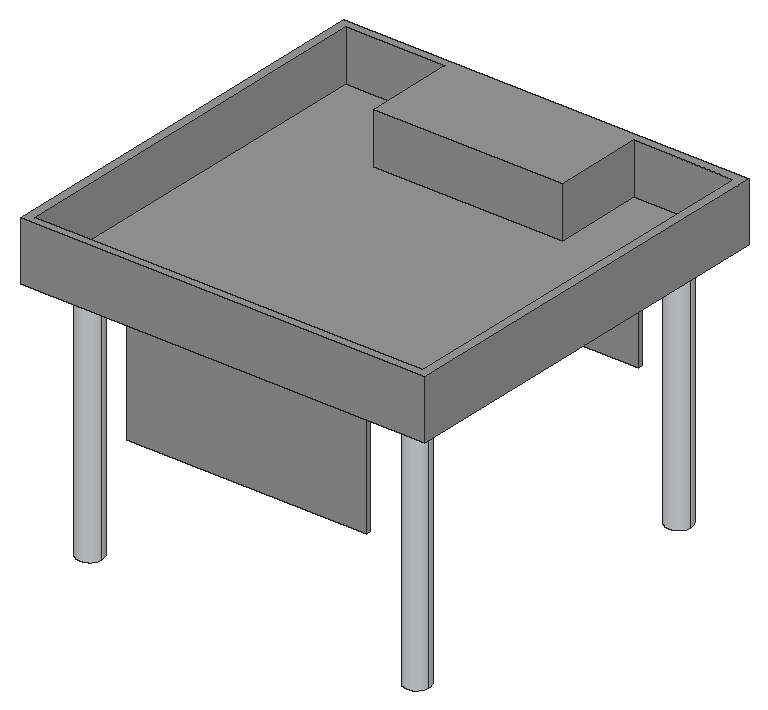
Revit family "Nivellierbare Kassette mit Schnurauslass, RKSN, 25", category Generic Models, Revit 2015
Parameters (values of type "RKSN2 4 VS 25")
  Width = 199 mm
  URL = "http://www.obo-bettermann.com"
  Material = Stainless Steel, Polished
  Manufacturer Art.No. = "7409210"
  Manufacturer = "OBO Bettermann"
  Length = 199 mm
  HeightCalc = if(Height < 110 mm, 110 mm, (if(Height > 155 mm, 155 mm, Height)))  # 150 mm
  Height 1 = 29 mm
  Height = 150 mm
  GTIN = "4012195867166"
  Cut depth = 25 mm
  Article Type = "RKSN2 4 VS 25"
Types (3, lengths in mm): name | Material | Manufacturer Art.No. | GTIN | Article Type
  (no name) | Stainless Steel, Polished | "7409210" | "4012195867166" | "RKSN2 4 VS 25"
  RKSN2 4 VS 25 | Stainless Steel, Polished | "7409210" | "4012195867166" | "RKSN2 4 VS 25"
  RKSN2 4 MS 25 | Brass, Soft Yellow, Welded | "7409204" | "4012195867111" | "RKSN2 4 MS 25"
Reference planes
  plane 1 "Center (Front/Back)": y = 0
  plane 2: z = 0
  plane 3 "Center (Left/Right)": x = 0
  plane 4: z = 121
  plane 5: y = 99.5
  plane 6: y = -99.5
  plane 7: z = 150
  plane 8: z = 60
  plane 9: z = 125
Forms (mm)
  Extrusion 1, solid
    sketch origin (0, 0, 0) x (1, 0, 0) y (0, 1, 0)
      loop
        circle (-80.5, -80.5) r 6
      loop
        circle (-80.5, 80.5) r 6
      loop
        circle (80.5, 80.5) r 6
      loop
        circle (80.5, -80.5) r 6
    from 0 to 121
  Extrusion 2, solid, material "Stainless Steel, Polished" <- "Material"
    sketch origin (0, 0, 0) x (1, 0, 0) y (0, 0, 1)
      loop
        line (-99.5, 150) -> (-99.5, 121) -> (99.5, 121) -> (99.5, 150) -> (-99.5, 150)
    from -99.5 to 99.5
  Extrusion 3, solid, material "Stainless Steel, Polished" <- "Material"
    sketch origin (0, 0, 0) x (1, 0, 0) y (0, 1, 0)
      loop
        line (-59, 84.5) -> (-59, 82.5) -> (59, 82.5) -> (59, 84.5) -> (-59, 84.5)
      loop
        line (-59, -82.5) -> (-59, -84.5) -> (59, -84.5) -> (59, -82.5) -> (-59, -82.5)
    from 60 to 121
  Extrusion 4, void
    sketch origin (0, 0, 0) x (1, 0, 0) y (0, 1, 0)
      loop
        line (-95.5, 95.5) -> (-95.5, -95.5) -> (95.5, -95.5) -> (95.5, 95.5) -> (46.5, 95.5) -> (46.5, 51.5) -> (-46.5, 51.5) -> (-46.5, 95.5) -> (-95.5, 95.5)
    from 125 to 150
Cuts and joins
  Extrusion 4 cuts Extrusion 1
  Extrusion 4 cuts Extrusion 2
  Extrusion 4 cuts Extrusion 3
Dimensions and locks
  locked: Extrusion 1 sketch curve to plane 1 "Center (Front/Back)" at 74.5  (x2)
  locked: Extrusion 1 sketch curve to plane 3 "Center (Left/Right)" at 80.5  (x2)
  locked: plane 1 "Center (Front/Back)" to Extrusion 1 sketch curve at 74.5  (x2)
  locked: plane 3 "Center (Left/Right)" to Extrusion 1 sketch curve at 80.5  (x2)
  "Width": Extrusion 2 sketch curve to Extrusion 2 sketch curve
  locked: plane 3 "Center (Left/Right)" to Extrusion 2 sketch curve at 99.5
  locked: Extrusion 2 sketch curve to Extrusion 2 sketch curve at 29
  "HeightCalc": plane 7 to level
  "Height 1": plane 7 to plane 4
  locked: Extrusion 3 sketch curve to Extrusion 3 sketch curve at 118  (x2)
  equal spacing: Extrusion 3 sketch curve, plane 3 "Center (Left/Right)", Extrusion 3 sketch curve, locked at 59 each  (x2)
  locked: Extrusion 3 sketch curve to Extrusion 2 at 15  (x2)
  locked: Extrusion 3 sketch curve to Extrusion 3 sketch curve at 2  (x2)
  locked: plane 4 to plane 8 at 61
  "Cut depth": plane 7 to plane 9
  "Length": plane 5 to plane 6
  equal spacing: plane 5, plane 1 "Center (Front/Back)", plane 6, locked at 99.5 each
  locked: Extrusion 4 sketch curve to Extrusion 4 sketch curve at 191  (x2)
  equal spacing: Extrusion 4 sketch curve, plane 1 "Center (Front/Back)", Extrusion 4 sketch curve, locked at 95.5 each
  equal spacing: Extrusion 4 sketch curve, plane 3 "Center (Left/Right)", Extrusion 4 sketch curve, locked at 95.5 each
  locked: Extrusion 4 sketch curve to Extrusion 4 sketch curve at 93
  equal spacing: Extrusion 4 sketch curve, plane 3 "Center (Left/Right)", Extrusion 4 sketch curve, locked at 46.5 each
  locked: Extrusion 4 sketch curve to Extrusion 4 sketch curve at 44
  diameter of Extrusion 1 sketch curve = 12 mm  (x3)
  aligned and locked: level to plane 2
  aligned and locked: plane 4 to Extrusion 1
  aligned and locked: plane 4 to Extrusion 2 sketch curve
  aligned and locked: plane 6 to Extrusion 2
  aligned and locked: Extrusion 2 to plane 5
  aligned and locked: plane 7 to Extrusion 2
  aligned and locked: Extrusion 1 to Extrusion 3
  aligned and locked: Extrusion 3 to plane 8
  aligned and locked: Extrusion 4 sketch curve to Extrusion 4 sketch curve
  aligned and locked: cut or joined group of Extrusion 2, Extrusion 4 to Extrusion 4
  aligned and locked: Extrusion 4 to plane 9
Automatic sketch dimensions
  Extrusion 1 sketch curve to plane 6 = 19 mm
